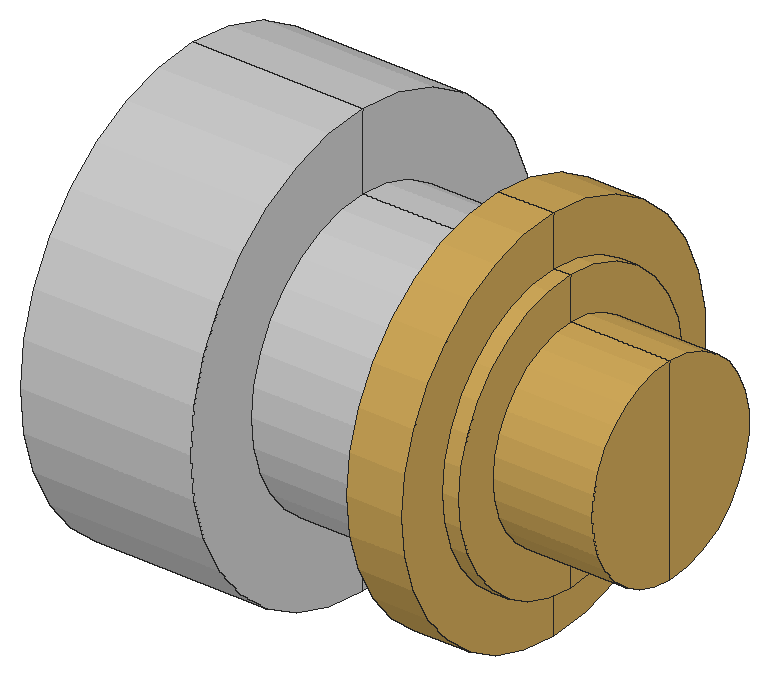
Revit family "6220 70_Anschlussverschraubung", category Rohrformteile, Revit 2021
Family settings
  Bemaßung runder Anschluss = Durchmesser verwenden
  Teiletyp = Verbindung
  OmniClass-Nummer = 23.65.55.14
  OmniClass-Titel = Valves for Liquid Services
  Arbeitsebenenbasiert = Nein
  Immer vertikal = Ja
  Beim Laden mit Abzugskörper schneiden = Nein
  Gemeinsam genutzt = Nein
Parameters (values of type "G3/4 x G1/2")
  Vorgabe-Ansicht = 0.00 mm
  URL = "www.herz-armaturen.at"
  SCRNSEQ = "AWI;AWI_TYP=\"1001\";2"
  SCRNCODE = "07;01;02"  # constant formula
  S02 = 8.00 mm  # constant formula
  S01 [instance] = GT  # 8.50 mm
  O-Ring = "EPDM"  # constant formula
  Nennweite_AG [instance] = 15.00 mm  # constant formula
  Nennweite [instance] = 20.00 mm  # constant formula
  Mutter = "Messing CW614N, vernickelt"  # constant formula
  Max. Betriebstemperatur = 110 °C  # constant formula
  Max. Betriebsdruck = 1000000.0 Pa  # constant formula
  Medium = "Heizungswasser nach ÖNORM H5195 oder VDI- Richtlinie 2035.\r\nDie Verwendung von Ethylen- oder Propyleneglykol in einem Mischungsverhältnis 25- 50% ist zulässig."
  L05 = 21.00 mm  # constant formula
  L04 [instance] = 4.20 mm  # constant formula
  L03 [instance] = 13.10 mm  # constant formula
  Hinweiß = "Der O-Ring dient als zusätzliche Dichtung, bei Verlust ist die Anschlussverschraubung metallisch dichtend."
  GT [instance] = 8.50 mm  # constant formula
  L02 [instance] = 7.60 mm  # constant formula
  L01 [instance] = 13.00 mm  # constant formula
  L00 [instance] = 36.50 mm  # constant formula
  Hersteller = "HERZ Armaturen Ges.m.b.H."  # constant formula
  Flachdichtung = "Klinger SIL-C4400"  # constant formula
  D04 [instance] = 7.50 mm  # constant formula
  Bestellnummer = 1622070  # constant formula
  D03 [instance] = 14.50 mm  # constant formula
  D02 [instance] = 10.70 mm  # constant formula
  D01 [instance] = 10.00 mm  # constant formula
  D00 [instance] = 16.50 mm  # constant formula
  Ausführung = "Anschlussverschraubung, flachdichtend, AG 1/2 mit freidrehender Überwurfmutter 3/4."
  Anschlussstück = "Messing CW614N, vernickelt"  # constant formula
Reference planes
  plane 1 "Mitte (Vorne/hinten)": y = 0
  plane 2: z = 0
  plane 3 "Mitte (Links/rechts)": x = 0
Forms (mm)
  Revolve 1, solid, material "Messing, vernickelt", detail levels fine
    sketch origin (0, 0, 0) x (1, 0, 0) y (0, 0, 1)
      loop
        line (0, 10) -> (8.5, 10) -> (8.5, 0) -> (21, 0) -> (21, 10.7) -> (13, 10.7) -> (13, 16.5) -> (0, 16.5) -> (0, 10)
      axis (0, 0) -> (21, 0)
    angle from 0 to 360
  Revolve 2, solid, material "Messing, weicher Gelbton, geschweißt", detail levels fine
    sketch origin (0, 0, 0) x (1, 0, 0) y (0, 0, 1)
      loop
        line (21, 10.7) -> (21, 0) -> (36.5, 0) -> (36.5, 7.5) -> (28.9, 7.5) -> (28.9, 10.7) -> (27.6, 10.7) -> (27.6, 14.5) -> (23.4, 14.5) -> (23.4, 10.7) -> (21, 10.7)
      axis (21, 0) -> (36.5, 0)
    angle from 0 to 360
Lines and regions (mm)
  model lines, detail levels coarse+medium
    curve 1: line (0, 0, 0) -> (36.5, 0, 0)
    curve 2: line (8.5, 0, 16.5) -> (8.5, 0, -16.5)
    curve 3: line (8.5, 0, -16.5) -> (16.5, 0, -16.5)
    curve 4: line (16.5, 0, -16.5) -> (8.5, 0, 0)
    curve 5: line (8.5, 0, 16.5) -> (16.5, 0, 16.5)
    curve 6: line (16.5, 0, 16.5) -> (8.5, 0, 0)
    curve 7: line (8.5, 16.5, 0) -> (8.5, -16.5, 0)
    curve 8: line (8.5, -16.5, 0) -> (16.5, -16.5, 0)
    curve 9: line (16.5, -16.5, 0) -> (8.5, 0, 0)
    curve 10: line (8.5, 16.5, 0) -> (16.5, 16.5, 0)
    curve 11: line (16.5, 16.5, 0) -> (8.5, 0, 0)
Dimensions and locks
  "L01": Revolve 1 sketch curve to plane 3 "Mitte (Links/rechts)"
  "D00": Revolve 1 sketch curve to plane 2
  "D01": Revolve 1 sketch curve to plane 2
  "GT": Revolve 1 sketch curve to plane 3 "Mitte (Links/rechts)"
  "L00": curve 1 to curve 1
  "S01": curve 2 to plane 3 "Mitte (Links/rechts)"
  "S02": curve 2 to curve 6
  "S02": curve 2 to curve 4
  "S01": curve 1 to curve 7
  "S02": curve 7 to curve 11
  "S02": curve 7 to curve 9
  "D00": curve 8 to plane 1 "Mitte (Vorne/hinten)" to curve 10
  "D00": curve 5 to plane 2 to curve 3
  "L05": plane 3 "Mitte (Links/rechts)" to Revolve 1 sketch curve
  "L03": Revolve 2 sketch curve to Revolve 2 sketch curve
  "D02": Revolve 2 sketch curve to plane 2  (x2)
  "D03": Revolve 2 sketch curve to plane 2
  "L02": Revolve 2 sketch curve to Revolve 2 sketch curve
  "D04": Revolve 2 sketch curve to plane 2
  "L04": Revolve 2 sketch curve to Revolve 2 sketch curve
  "L00": Revolve 2 sketch curve to plane 3 "Mitte (Links/rechts)"
  "L05": Revolve 2 sketch curve to plane 3 "Mitte (Links/rechts)"
  aligned and locked: level to plane 2
Automatic sketch dimensions
  curve 1 to level = 0.00 mm
  curve 1 to plane 3 "Mitte (Links/rechts)" = 0.00 mm
  curve 4 to level = 0.00 mm
  curve 6 to curve 4 = 0.00 mm
  plane 1 "Mitte (Vorne/hinten)" to curve 9 = 0.00 mm
  plane 1 "Mitte (Vorne/hinten)" to curve 11 = 0.00 mm
  Revolve 1 sketch curve to level = 0.00 mm  (x2)
  Revolve 1 sketch curve to plane 3 "Mitte (Links/rechts)" = 0.00 mm
  Revolve 1 sketch curve to Revolve 1 sketch curve = 5.80 mm
  Revolve 1 sketch curve to plane 3 "Mitte (Links/rechts)" = 1506.53 mm
  Revolve 1 sketch curve to Revolve 1 sketch curve = 1818.148 mm
  Revolve 2 sketch curve to level = 0.00 mm  (x2)
  Revolve 2 sketch curve to plane 3 "Mitte (Links/rechts)" = 1506.53 mm
  Revolve 2 sketch curve to Revolve 2 sketch curve = 1802.648 mm
Connectors
  piping at (8.5, 0, 0), diameter 20, driven by "Nennweite"
    settings: on Revolve 1, index 1, connector inside diameter 609.6 mm, connector length 0.00 mm, flow factor 0, pipe flow 0.0 L/s, pressure drop 0.0 Pa, fitting loss kfactor 0, connector angle 0.00°, fixture units 0, engagement length 0.00 mm, angle of deflection 0.00°, flow configuration 0, flow direction 0, fitting loss method 0, system type 29, joint type 0, gender type 0, connector reference index -1, connector utility 0, adjustable connector no, is connector primary yes, connector description ""
  piping at (36.5, 0, 0), diameter 15, driven by "Nennweite_AG"
    settings: on Revolve 1, index 2, connector inside diameter 609.6 mm, connector length 0.00 mm, flow factor 0, pipe flow 0.0 L/s, pressure drop 0.0 Pa, fitting loss kfactor 0, connector angle 0.00°, fixture units 0, engagement length 0.00 mm, angle of deflection 0.00°, flow configuration 0, flow direction 0, fitting loss method 0, system type 29, joint type 0, gender type 0, connector reference index -1, connector utility 0, adjustable connector no, is connector primary no, connector description ""
